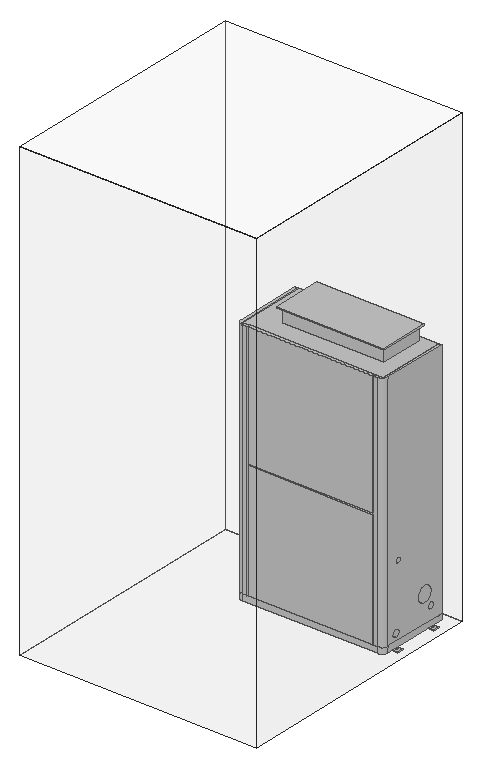
Revit family "pffy-p224_560dmg9_60Hz", category 機械設備, Revit 2019
Family settings
  丸型コネクタ寸法 = 直径を使用
  パーツ タイプ = 標準
  OmniClass 番号 = 23.75.10.24.21.27.27
  OmniClass タイトル = Split System Air Conditioning Units
  作業面ベース = いいえ
  常に垂直 = はい
  ロード時にボイドで切り取り = いいえ
  共有 = いいえ
  部屋計算ポイント = いいえ
Parameters (values of type "PFFY-P224DMG9")
  風量（m3／min） = 70
  風量 = MAX風量  # 4200.0 m³/h
  音響パワーレベル(dB) = 72
  電源種別 = ""
  電圧_電気ヒーター = 0 V
  電圧 = 200 V
  電動機出力_送風機 = 1.5 W
  運転質量 = 0.00 kg
  連動 = ""
  質量 = if(製品質量 > 運転質量, 製品質量, 運転質量) * 1.2  # 163.20 kg
  負荷分類 = 3_ファン類
  説明 = "ビル用マルチエアコン 室内ユニット 床置形"
  設計暖房能力 [instance] = 0 kW
  設計冷房能力_顕熱 [instance] = 0 kW
  設計冷房能力 [instance] = 0 kW
  設置方法 = "床置形"
  記号 [instance] = ""
  製造元 = "三菱電機株式会社"
  製品質量 = 136.00 kg
  製品出荷対象 = "国内"
  製品リリース年月 = "2022年9月15日"
  製品グループ = ""
  系統 [instance] = ""
  符号 = "ACP-FRV(D)"
  積算_科目 = "1 空気調和設備"
  積算_拾い区分 [instance] = ""
  相_電気ヒーター = 1
  相 = 3
  盤記号 [instance] = ""
  発停方法 = ""
  特殊仕様 [instance] = ""
  火災停止 = ""
  消費電力_電気ヒーター = 0 W
  消費電力_暖房 = 0.75 W
  消費電力_加湿器 = 0 W
  消費電力_冷房 = 0.75 W
  消費電力 = if(消費電力_冷房 > 消費電力_暖房, 消費電力_冷房, 消費電力_暖房) + 消費電力_加湿器 + 消費電力_電気ヒーター  # 0.75 W
  法定耐用年数 = "15"
  機械基礎質量 [instance] = 0.00 kg
  機械基礎_W = 0 mm
  機械基礎_H = 0 mm
  機械基礎_D = 0 mm
  機械基礎 [instance] = no
  機外静圧 = 30.0 Pa
  極数 = 3
  材質 [instance] = ""
  本体マテリアル = none
  有効加湿量 = 0
  暖房能力 = 25 kW
  形式_加湿器 = ""
  形式 = "床置（露出）立形"
  形名 = PFFY-P-DMG : PFFY-F224DMG9
  幹線記号 [instance] = ""
  始動方式 = "直入"
  呼称 = "室内機_床置(露出)?形(直吹)"
  周波数 = 60 Hz
  台数_手元リモコン [instance] = ""
  台数_冷媒分岐ユニット [instance] = ""
  参照している仕様書等のバージョン = "公共建築工事標準仕様書（機械設備工事編）平成31年度版"
  加湿給水管径 = 0.00 mm
  分類コード = "50053003221100"
  分類グループ = ""
  冷房能力 = 22.4 kW
  冷媒高低圧ガス管径 = 0.00 mm
  冷媒管径符号 = "Be"
  冷媒管径 = 100.00 mm
  冷媒液管径 = 9.52 mm
  冷媒ガス管径 = 19.05 mm
  価格 = 0
  企業コード = "108420"
  付属品_フィルター = ""
  付属品 [instance] = ""
  仕様書バージョン = "Version1.0"
  モデル = "PFFY-P224DMG9"
  ドレン管径 = 34.00 mm
  ダクト高 = 336 mm
  ダクト幅 = 715 mm
  コメント [instance] = ""
  Keynote = ""
  Width = 980 mm
  Version = ""
  Uniclass2015Version = "Systems v1.9"
  Uniclass2015Title = "Split coil remote air cooled condensing units"
  Uniclass2015Code = "Pr_70_65_03_84"
  URL = "https://www.mitsubishielectric.co.jp/ldg/wink/ssl/displayProduct.do?pid=317070"
  S寸法 = 150 mm
  SpecificationReference = ""
  SpecificationDescription = ""
  Revision = ""
  ProductInformation = ""
  OmniClassCode = "23-33 17 13 11"
  MAX風量 = 風量（m3／min） * 60.0 m³/h  # 4200.0 m³/h
  IfcTypeProduct = ""
  IfcProduct = ""
  IfcExportType = "AIRCONDITIONINGUNIT"
  IfcExportAs = "IfcUnitaryEquipmentType"
  Height = 1650 mm
  Depth = 485 mm
  Clearance Top = 1000 mm
  Clearance Right = 100 mm
  Clearance Left = 500 mm
  Clearance Front = 800 mm
  Clearance Back = 50 mm
  Author = "三菱電機株式会社"
Types (4, lengths in mm): name | 風量（m3／min） | 風量 | 音響パワーレベル(dB) | 電動機出力_送風機 | 質量 | 製品質量 | 消費電力_暖房 | 消費電力_冷房 | 消費電力 | 機外静圧 | 暖房能力 | 形名 | 冷房能力 | 冷媒管径符号 | 冷媒液管径 | 冷媒ガス管径 | モデル | ダクト高 | ダクト幅 | Width | URL | MAX風量 | Height | Depth | Clearance Left | Clearance Front
  PFFY-P224DMG9 | 70 | 4200.0 m³/h | 72 | 1.5 W | 163.20 kg | 136.00 kg | 0.75 W | 0.75 W | 0.75 W | 30.0 Pa | 25 kW | PFFY-P-DMG : PFFY-F224DMG9 | 22.4 kW | "Be" | 9.52 | 19.05 | "PFFY-P224DMG9" | 336 | 715 | 980 | "https://www.mitsubishielectric.co.jp/ldg/wink/ssl/displayProduct.do?pid=317070" | 4200.0 m³/h | 1650 | 485 | 500 | 800
  PFFY-P280DMG9 | 90 | 5400.0 m³/h | 76 | 1.5 W | 183.60 kg | 153.00 kg | 0.81 W | 0.81 W | 0.81 W | 30.0 Pa | 31.5 kW | PFFY-P-DMG : PFFY-F280DMG9 | 28 kW | "Bf" | 9.52 | 22.20 | "PFFY-P280DMG9" | 336 | 895 | 1200 | "https://www.mitsubishielectric.co.jp/ldg/wink/ssl/displayProduct.do?pid=317071" | 5400.0 m³/h | 1650 | 485 | 500 | 800
  PFFY-P450DMG9 | 140 | 8400.0 m³/h | 78 | 2.2 W | 259.20 kg | 216.00 kg | 2.21 W | 2.21 W | 2.21 W | 130.0 Pa | 50 kW | PFFY-P-DMG : PFFY-F450DMG9 | 45 kW | "Ch" | 12.70 | 28.58 | "PFFY-P450DMG9" | 484 | 1046 | 1200 | "https://www.mitsubishielectric.co.jp/ldg/wink/ssl/displayProduct.do?pid=317072" | 8400.0 m³/h | 1850 | 635 | 1000 | 100
  PFFY-P560DMG9 | 165 | 9900.0 m³/h | 81 | 3.7 W | 297.60 kg | 248.00 kg | 3.36 W | 3.36 W | 3.36 W | 130.0 Pa | 63 kW | PFFY-P-DMG : PFFY-F560DMG9 | 56 kW | "Dh" | 15.88 | 28.58 | "PFFY-P560DMG9" | 484 | 1253 | 1420 | "https://www.mitsubishielectric.co.jp/ldg/wink/ssl/displayProduct.do?pid=317073" | 9900.0 m³/h | 1850 | 635 | 1000 | 100
Reference planes
  plane 1: z = -150
  plane 2: z = 1500
  plane 3: z = -150
  plane 4: z = 2500
  plane 5 "中心(正面/背面)": y = -242.5
  plane 6 "左": x = -490
  plane 7 "右": x = 490
  plane 8 "正面": y = -485
  plane 9 "背面": y = 0
  plane 10: x = 0
  plane 11: x = -875
  plane 12: y = 150
  plane 13: y = -635
  plane 14: x = 640
  plane 15: y = 50
  plane 16: x = 590
  plane 17: x = -990
  plane 18: y = -1285
Dimensions and locks
  "Height": plane 1 to plane 2
  "機械基礎_H": plane 1 to plane 3
  "Clearance Top": plane 4 to plane 2
  "Width": plane 6 "左" to plane 7 "右"
  equal spacing: plane 8 "正面", plane 5 "中心(正面/背面)", plane 9 "背面"
  "Depth": plane 8 "正面" to plane 9 "背面"
  "S寸法": plane 9 "背面" to plane 12
  "S寸法": plane 13 to plane 8 "正面"
  "S寸法": plane 7 "右" to plane 14
  "Clearance Back": plane 9 "背面" to plane 15
  "Clearance Right": plane 7 "右" to plane 16
  "Clearance Left": plane 17 to plane 6 "左"
  "Clearance Front": plane 18 to plane 8 "正面"
  equal spacing: plane 6 "左", plane 10, plane 7 "右"
  aligned and locked: plane 17 to nested 1
  aligned and locked: plane 16 to nested 1
  aligned and locked: plane 15 to nested 1
  aligned and locked: plane 10 to nested 2
  aligned and locked: plane 5 "中心(正面/背面)" to nested 2
  aligned and locked: plane 3 to nested 2
Nested families
  nested 1: "サービススペース(PFFY-P-DMG)" at (-200, -810, 1375), type "サービススペース(PFFY-P-DMG)"
    with Width 1580 mm, Height 3050 mm, Depth 1720 mm
  nested 2: "PFFY-P-DMG" at (0, -242.5, -150), type <- "形名", マテリアル1 <- "本体マテリアル", type "PFFY-F224DMG9"
    with 表示 yes, マテリアル2 none, マテリアル1 none
Connectors
  hvac at (32.5, -187, 1598), driven by "ダクト高", driven by "ダクト幅", driven by "機外静圧", driven by "風量"
    settings: on nested 2, index 1, duct flow 4200.0 m³/h, flow factor 0, pres drop 30.0 Pa, loss coef 0, conn angle 0.00°, conn width 715 mm, conn height 336 mm, conn diameter 609.6 mm, duct sys type 29, conn prof type 1, flow config 0, flow direction 2, loss method 4, conn ref index -1, conn util no, is conn primary yes, conn desc ""
  electrical at (493, -385, -60), driven by "極数", driven by "負荷分類", driven by "電圧", driven by "消費電力"
    settings: on nested 2, index 2, voltage 200 V, apparent load 0.75 VA, apparent load phase1 0 VA, apparent load phase2 0 VA, apparent load phase3 0 VA, power factor 1, load classification "3_ファン類", number of poles 3, system type 30, power factor state 1, is connector primary yes, connector utility no, sub classification motor no, connector description ""
  piping at (493, -92, -20), diameter 34, driven by "ドレン管径"
    settings: on nested 2, index 3, connector inside diameter 609.60 mm, connector length 0 mm, flow factor 0, pipe flow 0.0 L/s, pressure drop 0.0 Pa, fitting loss kfactor 0, connector angle 0.00°, fixture units 0, engagement length 0 mm, angle of deflection 0.00°, flow configuration 0, flow direction 2, fitting loss method 4, system type 16, joint type 0, gender type 0, connector reference index -1, connector utility 0, adjustable connector no, is connector primary yes, connector description ""
  piping at (493, -145, 70), diameter 100, driven by "冷媒管径", driven by "冷媒管径符号"
    settings: on nested 2, index 4, connector inside diameter 609.60 mm, connector length 0 mm, flow factor 0, pipe flow 0.0 L/s, pressure drop 0.0 Pa, fitting loss kfactor 0, connector angle 0.00°, fixture units 0, engagement length 0 mm, angle of deflection 0.00°, flow configuration 0, flow direction 1, fitting loss method 4, system type 7, joint type 0, gender type 0, connector reference index -1, connector utility 0, adjustable connector no, is connector primary no, connector description "Be"
Definition of nested family "サービススペース(PFFY-P-DMG)"
  Parameters (values of type "サービススペース")
    Width [instance] = 500 mm
    Height [instance] = 500 mm
    Depth [instance] = 500 mm
  Reference planes
    plane 1 "中心(正面/背面)": y = 0
    plane 2: z = 0
    plane 3 "中心(左/右)": x = 0
    plane 4: y = -250
    plane 5: x = 250
    plane 6: y = 250
    plane 7: x = -250
    plane 8: z = 250
    plane 9: z = -250
  Forms (mm)
    Extrusion 1, solid
      sketch origin (-638.939, 0, 72.39) x (1, 0, 0) y (0, 1, 0)
        loop
          line (388.939, 250) -> (388.939, -250) -> (888.939, -250) -> (888.939, 250) -> (388.939, 250)
      from -322.39 to 177.61
  Lines and regions (mm)
    symbolic lines
      curve 1: line (-250, 0, 250) -> (250, 0, 250)
      curve 2: line (-250, 0, -250) -> (-250, 0, 250)
      curve 3: line (250, 0, -250) -> (-250, 0, -250)
      curve 4: line (250, 0, 250) -> (250, 0, -250)
      curve 5: line (0, -250, 250) -> (0, 250, 250)
      curve 6: line (0, -250, -250) -> (0, -250, 250)
      curve 7: line (0, 250, -250) -> (0, -250, -250)
      curve 8: line (0, 250, 250) -> (0, 250, -250)
      curve 9: line (-250, 250, 0) -> (250, 250, 0)
      curve 10: line (-250, -250, 0) -> (-250, 250, 0)
      curve 11: line (250, -250, 0) -> (-250, -250, 0)
      curve 12: line (250, 250, 0) -> (250, -250, 0)
  Dimensions and locks
    equal spacing: plane 7, plane 3 "中心(左/右)", plane 5
    equal spacing: plane 4, plane 1 "中心(正面/背面)", plane 6
    "Depth": plane 4 to plane 6
    "Width": plane 7 to plane 5
    equal spacing: plane 8, plane 2, plane 9
    "Height": plane 8 to plane 9
    aligned and locked: plane 9 to curve 3
    aligned and locked: plane 7 to curve 2
    aligned and locked: curve 4 to plane 5
    aligned and locked: plane 5 to Extrusion 1
    aligned and locked: Extrusion 1 to plane 7
    aligned and locked: Extrusion 1 to plane 9
    aligned and locked: plane 8 to Extrusion 1
    aligned and locked: plane 9 to curve 7
  Automatic sketch dimensions
    plane 4 to Extrusion 1 sketch curve = 0 mm
    Extrusion 1 sketch curve to plane 7 = 0 mm
    Extrusion 1 sketch curve to plane 5 = 0 mm
    plane 6 to Extrusion 1 sketch curve = 0 mm
    curve 2 to plane 8 = 0 mm
    plane 4 to curve 11 = 0 mm
    curve 11 to plane 7 = 0 mm
    curve 11 to plane 5 = 0 mm
    plane 6 to curve 10 = 0 mm
    curve 7 to plane 4 = 0 mm
    curve 7 to plane 6 = 0 mm
    curve 6 to plane 8 = 0 mm
Definition of nested family "PFFY-P-DMG"
  Parameters (values of type "PFFY-F224DMG7")
    液径 = 9.52 mm
    液-W = 0 mm
    液-H = 225 mm
    液-D = 185 mm
    高 = 1650 mm
    電源径 = 43 mm
    電源-W = 0 mm
    電源-H = 90 mm
    電源-D = 385 mm
    表示 [instance] = yes
    幅 = 980 mm
    奥行 = 485 mm
    吊りボルト径 = 12 mm
    吊りボルト-W = 1014 mm
    吊りボルト-D = 300 mm
    吊りボルト-H = 0 mm
    加湿給水管径 = 27 mm
    加湿給水-W = 365 mm
    加湿給水-H = 520 mm
    加湿給水-D = 0 mm
    冷媒径 = 100 mm
    ガス径 = 19.05 mm
    ガス-W = 0 mm
    ガス-H = 215 mm
    ガス-D = 105 mm
    マテリアル2 [instance] = none
    マテリアル1 [instance] = none
    ドレン径 = 34 mm  # constant formula
    ドレン-W = 0 mm
    ドレン-H = 130 mm
    ドレン-D = 92 mm
    w = 675 mm
    h = 98 mm
    d = 296 mm
    b = 100 mm
    a = 19 mm
  Types (5, lengths in mm): name | 液径 | 液-H | 液-D | 高 | 電源径 | 電源-H | 電源-D | 幅 | 奥行 | 吊りボルト-W | 吊りボルト-D | 加湿給水-W | 加湿給水-H | ガス径 | ガス-H | ガス-D | ドレン-H | w | h | d | b | a
    (no name) | 9.52 | 225 | 185 | 1650 | 43 | 90 | 385 | 980 | 485 | 1014 | 300 | 365 | 520 | 19.05 | 215 | 105 | 130 | 675 | 98 | 296 | 100 | 19
    PFFY-F224DMG7 | 9.52 | 225 | 185 | 1650 | 43 | 90 | 385 | 980 | 485 | 1014 | 300 | 365 | 520 | 19.05 | 215 | 105 | 130 | 675 | 98 | 296 | 100 | 19
    PFFY-F280DMG7 | 9.52 | 225 | 185 | 1650 | 43 | 90 | 385 | 1200 | 485 | 1234 | 300 | 365 | 520 | 19.05 | 215 | 105 | 130 | 855 | 98 | 296 | 152 | 19
    PFFY-F450DMG7 | 12.7 | 296 | 118 | 1850 | 52 | 100 | 530 | 1200 | 635 | 1230 | 440 | 438 | 680 | 28.58 | 296 | 238 | 169 | 1006 | 49 | 444 | 82 | 21
    PFFY-F560DMG7 | 12.7 | 296 | 118 | 1850 | 52 | 100 | 530 | 1420 | 635 | 1450 | 440 | 438 | 680 | 28.58 | 296 | 238 | 169 | 1213 | 49 | 444 | 83.5 | 21
  Reference planes
    plane 1 "中心(正面/背面)": y = 0
    plane 2: z = 0
    plane 3 "中心(左/右)": x = 0
    plane 4: x = 490
    plane 5: x = -490
    plane 6: y = 242.5
    plane 7: y = -242.5
    plane 8: z = 1748
    plane 9: z = 830
    plane 10: z = 1650
    plane 11: z = 40
    plane 12: y = 150
    plane 13: y = -150
    plane 14: x = 507
    plane 15: x = -507
    plane 16: y = 223.5
    plane 17: y = -162.5
    plane 18: z = 130
    plane 19: z = 90
    plane 20: y = 57.5
    plane 21: z = 225
    plane 22: z = 215
    plane 23: z = 1738
    plane 24: y = 137.5
    plane 25: x = 470
    plane 26: x = -470
    plane 27: z = 820
    plane 28: y = -222.5
    plane 29: x = -420
    plane 30: x = 420
    plane 31: y = -239.5
    plane 32: x = 530
    plane 33: x = -530
    plane 34: y = 170
    plane 35: y = 130
    plane 36: y = -130
    plane 37: y = -170
    plane 38: y = 203.5
    plane 39: z = 5
    plane 40: x = 390
    plane 41: x = 370
    plane 42: x = -305
    plane 43: x = -325
    plane 44: y = -112.5
    plane 45: y = -92.5
    plane 46: y = 150.5
    plane 47: y = -142.5
    plane 48: x = 493
    plane 49: y = 97.5
    plane 50: z = 220
    plane 51: y = -122.5
    plane 52: z = 520
  Forms (mm)
    Extrusion 1, solid, material <- "マテリアル1", visible <- "表示", detail levels fine
      sketch origin (0, 0, -400) x (1, 0, 0) y (0, 1, 0)
        loop
          line (420, -222.5) -> (-420, -222.5) -> (-420, -239.5) -> (420, -239.5) -> (420, -222.5)
      from 1230 to 2050
    Extrusion 2, solid, material <- "マテリアル1", visible <- "表示", detail levels fine
      sketch origin (0, 0, -800) x (1, 0, 0) y (0, 1, 0)
        loop
          line (-420, -239.5) -> (420, -239.5) -> (420, -222.5) -> (-420, -222.5) -> (-420, -239.5)
      from 840 to 1620
    Extrusion 3, solid, material <- "マテリアル2", visible <- "表示", detail levels fine
      sketch origin (0, 0, 0) x (1, 0, 0) y (0, 1, 0)
        loop
          line (490, 170) -> (490, 130) -> (530, 130) -> (530, 170) -> (490, 170)
        loop
          line (490, -130) -> (490, -170) -> (530, -170) -> (530, -130) -> (490, -130)
        loop
          line (-530, 170) -> (-530, 130) -> (-490, 130) -> (-490, 170) -> (-530, 170)
        loop
          line (-530, -130) -> (-530, -170) -> (-490, -170) -> (-490, -130) -> (-530, -130)
        loop
          circle (-507, 150) r 6
        loop
          circle (507, 150) r 6
        loop
          circle (507, -150) r 6
        loop
          circle (-507, -150) r 6
      from 0 to 5
    Extrusion 4, solid, material <- "マテリアル2", visible <- "表示", detail levels fine
      sketch origin (0, -1140, 0) x (0, -1, 0) y (1, 0, 0)
        loop
          line (-1343.5, 370) -> (-1343.5, -305) -> (-1047.5, -305) -> (-1047.5, 370) -> (-1343.5, 370)
      from 1650 to 1738
    Extrusion 5, solid, material <- "マテリアル2", visible <- "表示", detail levels fine
      sketch origin (0, -1140, -430) x (0, -1, 0) y (1, 0, 0)
        loop
          line (-1363.5, 390) -> (-1363.5, -325) -> (-1027.5, -325) -> (-1027.5, 390) -> (-1363.5, 390)
      from 2168 to 2178
    Extrusion 6, solid, material <- "マテリアル1", visible <- "表示", detail levels fine
      sketch origin (-1437.329, -1524, 1748) x (-1, 0, 0) y (0, -1, 0)
        loop
          line (-947.329, -1766.5) -> (-947.329, -1321.5)
          arc (-947.329, -1321.5) -> (-959.045, -1293.216) -> (-987.329, -1281.5) r 40
          line (-987.329, -1281.5) -> (-1017.329, -1281.5) -> (-1017.329, -1301.5) -> (-967.329, -1301.5) -> (-967.329, -1766.5) -> (-947.329, -1766.5)
        loop
          line (-1907.329, -1766.5) -> (-1907.329, -1301.5) -> (-1857.329, -1301.5) -> (-1857.329, -1281.5) -> (-1887.329, -1281.5)
          arc (-1887.329, -1281.5) -> (-1915.614, -1293.216) -> (-1927.329, -1321.5) r 40
          line (-1927.329, -1321.5) -> (-1927.329, -1766.5) -> (-1907.329, -1766.5)
      from -1708 to -98
    Extrusion 7, solid, material <- "マテリアル1", visible <- "表示", detail levels fine
      sketch origin (-1437.329, -1524, 1748) x (-1, 0, 0) y (0, -1, 0)
        loop
          line (-1907.329, -1766.5) -> (-967.329, -1766.5) -> (-967.329, -1301.5) -> (-1907.329, -1301.5) -> (-1907.329, -1766.5)
      from -1708 to -98
    Extrusion 8, solid, material <- "マテリアル2", visible <- "表示", detail levels fine
      sketch origin (-1437.329, -1524, 1748) x (-1, 0, 0) y (0, -1, 0)
        loop
          line (-947.329, -1766.5) -> (-947.329, -1321.5)
          arc (-947.329, -1321.5) -> (-959.045, -1293.216) -> (-987.329, -1281.5) r 40
          line (-987.329, -1281.5) -> (-1887.329, -1281.5)
          arc (-1887.329, -1281.5) -> (-1915.614, -1293.216) -> (-1927.329, -1321.5) r 40
          line (-1927.329, -1321.5) -> (-1927.329, -1766.5) -> (-947.329, -1766.5)
      from -1748 to -1708
    Extrusion 9, solid, material <- "マテリアル2", visible <- "表示", detail levels fine
      sketch origin (490, 1296.25, 1200) x (0, 1, 0) y (0, 0, 1)
        loop
          circle (-1438.75, -1110) r 21.5
        loop
          circle (-1145.75, -1070) r 17
        loop
          circle (-1418.75, -680) r 13.5
      from 0 to 3
    Extrusion 10, solid, material <- "マテリアル1", visible <- "表示", detail levels fine
      sketch origin (490, 1296.25, 1200) x (0, 1, 0) y (0, 0, 1)
        loop
          circle (-1198.75, -980) r 50
      from 0 to 3
  Lines and regions (mm)
    Masking region 1, visible <- "表示", detail levels coarse+medium
      outline origin (0, 0, 0) x (1, 0, 0) y (0, 1, 0)
        loop
          line (-490, 242.5) -> (-490, -242.5) -> (490, -242.5) -> (490, 242.5) -> (-490, 242.5)
    symbolic lines, visible <- "表示"
      curve 1: line (-490, 242.5, 1748) -> (-490, -242.5, 1748)
      curve 2: line (-490, -242.5, 1748) -> (490, -242.5, 1748)
      curve 3: line (490, -242.5, 1748) -> (490, 242.5, 1748)
      curve 4: line (490, 242.5, 1748) -> (-490, 242.5, 1748)
      curve 5: line (-325, 223.5, 1748) -> (-325, -112.5, 1748)
      curve 6: line (-325, -112.5, 1748) -> (390, -112.5, 1748)
      curve 7: line (390, -112.5, 1748) -> (390, 223.5, 1748)
      curve 8: line (390, 223.5, 1748) -> (-325, 223.5, 1748)
    model lines, visible <- "表示", detail levels fine
      curve 9: line (420, -239.5, 720) -> (-420, -239.5, 720)
      curve 10: line (420, -239.5, 670) -> (-420, -239.5, 670)
      curve 11: line (0, -239.5, 720) -> (0, -239.5, 270)
      curve 12: line (420, -239.5, 620) -> (-420, -239.5, 620)
      curve 13: line (420, -239.5, 570) -> (-420, -239.5, 570)
      curve 14: line (420, -239.5, 520) -> (-420, -239.5, 520)
      curve 15: line (420, -239.5, 470) -> (-420, -239.5, 470)
      curve 16: line (420, -239.5, 420) -> (-420, -239.5, 420)
      curve 17: line (420, -239.5, 370) -> (-420, -239.5, 370)
      curve 18: line (420, -239.5, 320) -> (-420, -239.5, 320)
      curve 19: line (420, -239.5, 270) -> (-420, -239.5, 270)
      curve 20: line (140, -239.5, 720) -> (140, -239.5, 270)
      curve 21: line (-140, -239.5, 270) -> (-140, -239.5, 720)
      curve 22: line (280, -239.5, 720) -> (280, -239.5, 270)
      curve 23: line (-280, -239.5, 270) -> (-280, -239.5, 720)
  Dimensions and locks
    equal spacing: plane 7, plane 1 "中心(正面/背面)", plane 6
    "奥行": plane 7 to plane 6
    equal spacing: plane 5, plane 3 "中心(左/右)", plane 4
    "幅": plane 5 to plane 4
    locked: plane 11 to level at 40
    equal spacing: plane 13, plane 1 "中心(正面/背面)", plane 12
    "吊りボルト-D": plane 13 to plane 12
    equal spacing: plane 15, plane 3 "中心(左/右)", plane 14
    "吊りボルト-W": plane 15 to plane 14
    "a": plane 16 to plane 6
    locked: plane 7 to plane 17 at 80
    "ドレン-H": plane 18 to level
    "電源-H": plane 19 to level
    "液-H": plane 21 to level
    locked: plane 10 to plane 9 at 820
    "ガス-H": plane 22 to level
    "h": plane 8 to plane 10
    locked: plane 8 to plane 23 at 10
    locked: plane 5 to plane 26 at 20
    locked: plane 25 to plane 4 at 20
    locked: plane 9 to plane 27 at 10
    locked: plane 7 to plane 28 at 20
    locked: plane 26 to plane 29 at 50
    locked: plane 30 to plane 25 at 50
    locked: plane 7 to plane 31 at 3
    locked: plane 33 to plane 5 at 40
    locked: plane 4 to plane 32 at 40
    plane 37 to plane 13 to plane 36 = 20 mm locked, 20 mm locked
    plane 35 to plane 12 to plane 34 = 20 mm locked, 20 mm locked
    locked: plane 38 to plane 16 at 20
    locked: plane 39 to level at 5
    "b": plane 40 to plane 4
    locked: plane 43 to plane 42 at 20
    locked: plane 41 to plane 40 at 20
    "w": plane 42 to plane 41
    locked: plane 44 to plane 45 at 20
    "d": plane 45 to plane 38
    curve 9 to curve 10 to curve 12 to curve 13 to curve 14 to curve 15 to curve 16 to curve 17 to curve 18 to curve 19 = 50 mm locked, 50 mm locked, 50 mm locked, 50 mm locked, 50 mm locked, 50 mm locked, 50 mm locked, 50 mm locked, 50 mm locked
    equal spacing: plane 30, curve 22, curve 20, curve 11, curve 21, curve 23, plane 29
    "高": plane 10 to level
    "液-D": plane 20 to plane 6
    "ガス-D": plane 24 to plane 6
    "ドレン-D": plane 46 to plane 6
    "電源-D": plane 47 to plane 6
    locked: plane 4 to plane 48 at 3
    equal spacing: plane 20, plane 49, plane 24
    equal spacing: plane 21, plane 50, plane 22
    "加湿給水-W": plane 51 to plane 6
    "加湿給水-H": plane 52 to level
    radius of Extrusion 6 sketch curve = 40 mm  (x2)
    "吊りボルト径": diameter of Extrusion 3 sketch curve  (x4)
    "ドレン径": diameter of Extrusion 9 sketch curve
    "電源径": diameter of Extrusion 9 sketch curve
    "冷媒径": diameter of Extrusion 10 sketch curve
    "加湿給水管径": diameter of Extrusion 9 sketch curve
    aligned and locked: level to plane 2
    aligned and locked: plane 13 to nested 1
    aligned and locked: plane 14 to nested 1
    aligned and locked: plane 15 to nested 1
    aligned and locked: nested 1 to plane 12
    aligned and locked: Extrusion 2 to plane 11
    aligned and locked: Extrusion 1 to plane 9
    aligned and locked: Extrusion 5 to plane 23
    aligned and locked: plane 8 to Extrusion 5
    aligned and locked: Extrusion 6 to plane 11
    aligned and locked: Extrusion 4 to Extrusion 5
    aligned and locked: Extrusion 4 to plane 10
    aligned and locked: plane 10 to Extrusion 6
    aligned and locked: plane 10 to Extrusion 1
    aligned and locked: plane 27 to Extrusion 2
    aligned and locked: Extrusion 2 sketch curve to plane 28
    aligned and locked: Extrusion 6 sketch curve to plane 7
    aligned and locked: Extrusion 6 sketch curve to plane 29
    aligned and locked: Extrusion 6 sketch curve to plane 30
    aligned and locked: Extrusion 6 sketch curve to plane 25
    aligned and locked: plane 28 to Extrusion 6 sketch curve  (x2)
    aligned and locked: Extrusion 2 sketch curve to plane 29
    aligned and locked: Extrusion 2 sketch curve to plane 30
    aligned and locked: plane 31 to Extrusion 2 sketch curve
    aligned and locked: Extrusion 1 sketch curve to plane 30
    aligned and locked: Extrusion 1 sketch curve to plane 29
    aligned and locked: Extrusion 1 sketch curve to plane 28
    aligned and locked: Extrusion 1 sketch curve to plane 31
    aligned and locked: Extrusion 7 sketch curve to plane 6
    aligned and locked: Extrusion 7 sketch curve to plane 26
    aligned and locked: Extrusion 7 sketch curve to plane 28
    aligned and locked: Extrusion 7 sketch curve to plane 25
    aligned and locked: plane 10 to Extrusion 7
    aligned and locked: Extrusion 7 to plane 11
    aligned and locked: plane 34 to Extrusion 3 sketch curve  (x2)
    aligned and locked: plane 4 to Extrusion 3 sketch curve  (x2)
    aligned and locked: Extrusion 3 sketch curve to plane 35  (x2)
    aligned and locked: Extrusion 3 sketch curve to plane 32  (x2)
    aligned and locked: plane 36 to Extrusion 3 sketch curve  (x2)
    aligned and locked: Extrusion 3 sketch curve to plane 37  (x2)
    aligned and locked: plane 33 to Extrusion 3 sketch curve  (x2)
    aligned and locked: Extrusion 3 sketch curve to plane 5  (x2)
    aligned and locked: plane 12 to Extrusion 3 sketch curve  (x2)
    aligned and locked: plane 15 to Extrusion 3 sketch curve  (x2)
    aligned and locked: plane 13 to Extrusion 3 sketch curve  (x2)
    aligned and locked: plane 14 to Extrusion 3 sketch curve  (x2)
    aligned and locked: Extrusion 3 to level
    aligned and locked: plane 39 to Extrusion 3
    aligned and locked: Extrusion 8 sketch curve to Extrusion 6  (x3)
    aligned and locked: Extrusion 8 sketch curve to Extrusion 7
    aligned and locked: Extrusion 8 to level
    aligned and locked: plane 11 to Extrusion 8
    aligned and locked: Extrusion 4 sketch curve to plane 38
    aligned and locked: Extrusion 4 sketch curve to plane 45
    aligned and locked: Extrusion 4 sketch curve to plane 41
    aligned and locked: Extrusion 4 sketch curve to plane 42
    aligned and locked: Extrusion 5 sketch curve to plane 40
    aligned and locked: Extrusion 5 sketch curve to plane 16
    aligned and locked: Extrusion 5 sketch curve to plane 44
    aligned and locked: Extrusion 5 sketch curve to plane 43
    aligned and locked: Masking region 1 sketch curve to Extrusion 8
    aligned and locked: Masking region 1 sketch curve to Extrusion 6
    aligned and locked: Masking region 1 sketch curve to plane 7
    aligned and locked: Masking region 1 sketch curve to plane 4
    aligned and locked: curve 1 to Masking region 1
    aligned and locked: curve 3 to Masking region 1
    aligned and locked: curve 4 to Masking region 1
    aligned and locked: curve 5 to Extrusion 5
    aligned and locked: curve 6 to Extrusion 5
    aligned and locked: curve 7 to Extrusion 5
    aligned and locked: curve 8 to Extrusion 5
    aligned and locked: plane 18 to Extrusion 9 sketch curve
    aligned and locked: plane 46 to Extrusion 9 sketch curve
    aligned and locked: plane 47 to Extrusion 9 sketch curve
    aligned and locked: plane 19 to Extrusion 9 sketch curve
    aligned and locked: Extrusion 9 to plane 4
    aligned and locked: plane 48 to Extrusion 9
    aligned and locked: plane 49 to Extrusion 10 sketch curve
    aligned and locked: plane 50 to Extrusion 10 sketch curve
    aligned and locked: Extrusion 10 to plane 4
    aligned and locked: plane 48 to Extrusion 10
    aligned and locked: plane 52 to Extrusion 9 sketch curve
    aligned and locked: plane 51 to Extrusion 9 sketch curve
  Automatic sketch dimensions
    Extrusion 6 sketch curve to plane 26 = 0 mm
    plane 7 to Extrusion 6 sketch curve = 0 mm
    Extrusion 6 sketch curve to plane 4 = 0 mm
    Extrusion 6 sketch curve to plane 5 = 0 mm
    plane 6 to Extrusion 6 sketch curve = 0 mm  (x2)
    plane 28 to Extrusion 2 sketch curve = 0 mm
    plane 7 to curve 2 = 0 mm
    curve 16 to plane 29 = 0 mm
    curve 9 to plane 29 = 0 mm
    curve 15 to plane 29 = 0 mm
    curve 10 to plane 29 = 0 mm
    curve 19 to plane 29 = 0 mm
    curve 18 to plane 29 = 0 mm
    curve 17 to plane 29 = 0 mm
    curve 12 to plane 29 = 0 mm
    curve 13 to plane 29 = 0 mm
    curve 14 to plane 29 = 0 mm
    curve 15 to plane 30 = 0 mm
    curve 12 to plane 30 = 0 mm
    curve 17 to plane 30 = 0 mm
    curve 13 to plane 30 = 0 mm
    curve 16 to plane 30 = 0 mm
    curve 14 to plane 30 = 0 mm
    curve 19 to plane 30 = 0 mm
    curve 18 to plane 30 = 0 mm
    curve 10 to plane 30 = 0 mm
    curve 9 to plane 30 = 0 mm
    plane 21 to curve 22 = 45 mm
  Nested families
    nested 1: "固定点" at (-507, -150, 0), visible <- "表示", type "固定点", detail levels fine
      with W 1014 mm, D 300 mm, 中心円 12 mm
  Definition of nested family "固定点"
    Parameters (values of type "固定点")
      中心円 = 20 mm
      W [instance] = 1000 mm
      D [instance] = 1000 mm
    Reference planes
      plane 1 "中心(正面/背面)": y = 0
      plane 2: z = 0
      plane 3 "中心(左/右)": x = 0
      plane 4: x = 1000
      plane 5: y = 1000
    Lines and regions (mm)
      symbolic lines, detail levels fine
        curve 1: circle (0, 1000, 0) r 10 normal (0, 0, 1)
        curve 2: circle (0, 0, 0) r 10 normal (0, 0, 1)
        curve 3: circle (1000, 1000, 0) r 10 normal (0, 0, 1)
        curve 4: circle (1000, 0, 0) r 10 normal (0, 0, 1)
        curve 5: line (-200, 1000, 0) -> (1200, 1000, 0)
        curve 6: line (-200, 0, 0) -> (1200, 0, 0)
        curve 7: line (0, 1200, 0) -> (0, -200, 0)
        curve 8: line (1000, 1200, 0) -> (1000, -200, 0)
    Dimensions and locks
      "W": plane 3 "中心(左/右)" to plane 4
      "D": plane 1 "中心(正面/背面)" to plane 5
      "中心円": diameter of curve 1
      "中心円": diameter of curve 2
      "中心円": diameter of curve 3
      "中心円": diameter of curve 4
      aligned and locked: level to plane 2
      aligned and locked: plane 5 to curve 1
      aligned and locked: plane 3 "中心(左/右)" to curve 1
      aligned and locked: plane 3 "中心(左/右)" to curve 2
      aligned and locked: plane 1 "中心(正面/背面)" to curve 2
      aligned and locked: plane 4 to curve 3
      aligned and locked: plane 5 to curve 3
      aligned and locked: plane 1 "中心(正面/背面)" to curve 4
      aligned and locked: plane 4 to curve 4
      aligned and locked: plane 1 "中心(正面/背面)" to curve 6
      aligned and locked: curve 7 to plane 3 "中心(左/右)"
      aligned and locked: curve 8 to plane 4
    Automatic sketch dimensions
      curve 5 to plane 5 = 0 mm
      curve 6 to plane 3 "中心(左/右)" = 200 mm
      curve 5 to plane 3 "中心(左/右)" = 200 mm
      curve 4 to curve 6 = 200 mm
      curve 3 to curve 5 = 200 mm
      plane 1 "中心(正面/背面)" to curve 8 = 200 mm
      plane 1 "中心(正面/背面)" to curve 7 = 200 mm
      curve 3 to curve 8 = 200 mm
      curve 1 to curve 7 = 200 mm
